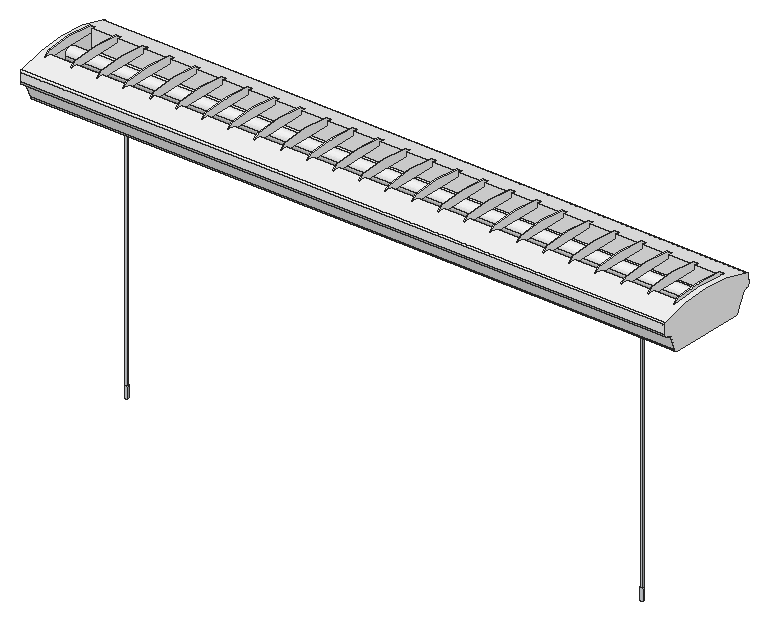
Revit family "0051680 Feilo Sylvania Lighting Fixture SYLMASTER T8 LED 1200 SO 4K Pendant ", category Lighting Fixtures, host Face, Revit 2017
Family settings
  Host = Face
  Round Connector Dimension = Use Diameter
  Part Type = Normal
  OmniClass Number = 23.80.70.00
  OmniClass Title = Lighting
  Cut with Voids When Loaded = No
  Light Source = Yes
  Shared = No
  Room Calculation Point = No
Parameters (values of type "0051680 SYLMASTER T8 LED 1200 SO 4K")
  WidthVoid_FEILO = 100 mm
  Weight = "4.0 kg"
  Wattage Comments = ""
  Wattage = 20 W
  WarrantyStartDate [instance] = "n/a"
  WarrantyGuarantorParts = "n/a"
  WarrantyDurationUnit = "n/a"
  WarrantyDurationParts = "n/a"
  WarrantyDescription = "n/a"
  built-in parameter 1150110 = 1 (stored number, unit not read)
  Voltage = 230 V
  URL = "http://www.sylvania-lighting.com"
  TypeName = "SYLMASTER T8 LED 1200 SO 4K"
  Type Image = <None>
  Type Comments = "n/a"
  Twin_FEILO = not(Single_FEILO)  # no
  built-in parameter 1114217 = 1 (stored number, unit not read)
  Tilt Angle = -90.00°
  built-in parameter 1150109 = 1 (stored number, unit not read)
  built-in parameter 1150134 = 12
  SuspensionHeight_FEILO [instance] = 500 mm
  built-in parameter 1150113 = 1 (stored number, unit not read)
  Single_FEILO = yes
  SerialNumber [instance] = "n/a"
  ReflectorSpacing_FEILO = (Length_FEILO - 30 mm) / (Array_FEILO - 1)  # 50.833 mm
  RadiusTube_FEILO = 12.7 mm
  RadiusSuspensionWire_FEILO = 2 mm
  Photometric Web File = "0051680.ies"
  Material_3_FEILO = none
  PowerFactor = 0.9
  PowerConsumption = "20 W"
  NominalLength = 1250 mm
  NominalHeight = 85 mm
  NominalDepth = 202 mm
  Name = "SYLMASTER T8 LED 1200 SO 4K"
  ModelReference = Name  # "SYLMASTER T8 LED 1200 SO 4K"
  ModelNumber = "0051680"
  Model = Name  # "SYLMASTER T8 LED 1200 SO 4K"
  Material = "steel housing"
  ManufacturerName = "Feilo Sylvania"
  Manufacturer = "Feilo Sylvania"
  LuminousEfficacy = "76 lm/W"
  built-in parameter 1150105 = 633.2 (stored number, unit not read)
  Lumens = 1520 lm
  LuminaireType = ""
  built-in parameter 1150115 = 1 (stored number, unit not read)
  LightOutputRatio = "71"
  built-in parameter 1150137 = (empty or 0)
  built-in parameter 1150139 = (empty or 0)
  Length_FEILO = 1250 mm
  LampsType = Lamp  # "LED"
  LampNominalLuminous = "1520 lm"
  LampMacAdamStep = "6"
  LampColourTemperature = "4000 K"
  LampColourRenderingIndex = "80"
  built-in parameter 1150112 = 1 (stored number, unit not read)
  built-in parameter 1150114 = 1 (stored number, unit not read)
  Lamp = "LED"
  Keynote = "16500"
  InstallationDate [instance] = "n/a"
  InputVoltage = "220-240V~"
  InputNominalFrequency = "50/60 Hz"
  built-in parameter 1150132 = (empty or 0)
  built-in parameter 1150102 = (empty or 0)
  built-in parameter 1150107 = 4000 (stored number, unit not read)
  built-in parameter 1150138 = (empty or 0)
  IngressProtection = "IP20"
  ImpactProtectionIndex = "IK02"
  built-in parameter 1150106 = 6.332 (stored number, unit not read)
  IfcExportType = "IfcLightFixtureType"
  IfcExportAs = "IfcLightFixtureType"
  ExpectedLife = 50000
  Emit from Rectangle Width = WidthVoid_FEILO  # 100 mm
  Emit from Rectangle Length = Length_FEILO - 30 mm  # 1220 mm
  Emit Shape Visible in Rendering = no
  ElectricShockClassification = "Class I"
  built-in parameter 1150104 = 7.0606 (stored number, unit not read)
  DurationUnit = "hours"
  DocumentationLiterature = "http://www.sylvania-lighting.com/product/en-int/products/0051680"
  DimmingControlOptions = "Non dimmable"
  Material_2_FEILO = LEDTube-Sylvania-Sylmaster
  Dimming Lamp Color Temperature Shift = <None>
  RadiusSuspensionSleeve_FEILO = 3 mm
  Description = "SYLMASTER T8 LED 1200 SO 4K is a surface mount / pendant luminaire supplied with ToLEDo T8 20W 840 LED Tube."
  Default Elevation = 1219.2 mm
  CreatedOn = "2/19/2018"
  CreatedBy = ""
  Cost = 0
  Color Filter = 16777215
  built-in parameter 1114216 [instance] = (empty or 0)
  ClassificationValue = "EF_70_80"
  ClassificationName = "Uniclass2015"
  Material_1_FEILO = Body-Sylvania-Sylmaster-White
  BarCode [instance] = "n/a"
  built-in parameter 1114218 = 1 (stored number, unit not read)
  built-in parameter 1150133 = 10 (stored number, unit not read)
  AssetType = "Fixed"
  AssetIdentifier [instance] = "n/a"
  Assembly Code = "D5020200"
  Array_FEILO = if(Length_FEILO = 1250 mm, 25, 35)  # 25
  Apparent Load = 20 VA
  Material_4_FEILO = none
Reference planes
  plane 1 "Center (Front/Back)": y = 0
  plane 2: z = 0
  plane 3 "Center (Left/Right)": x = 0
  plane 4: y = 101
  plane 5: y = -101
  plane 6: z = 500
  plane 7: z = 585
  plane 8: z = 561
  plane 9: z = 545
  plane 10: z = 507
  plane 11: z = 568
  plane 12: y = -89
  plane 13: y = -75
  plane 14: y = -30
  plane 15: y = 30
  plane 16: y = 89
  plane 17: y = 75
  plane 18: z = 542
  plane 19: x = -625
  plane 20: x = 625
  plane 21: x = -500
  plane 22: x = 500
  plane 23: y = -23
  plane 24: y = 23
  plane 25: x = -480
  plane 26: x = -520
  plane 27: x = 480
  plane 28: x = 520
  plane 29: x = -513
  plane 30: x = -487
  plane 31: x = 487
  plane 32: x = 513
  plane 33: y = 50
  plane 34: y = -50
  plane 35: x = 610
  plane 36: x = -610
  plane 37: y = 33
  plane 38: z = 544.6
  plane 39: x = -559.167
  plane 40: z = 22
  plane 41: z = 478
  plane 42: x = -503
  plane 43: x = -502
  plane 44: x = 498
  plane 45: x = 497
Forms (mm)
  Extrusion 1, solid, material "Body-Sylvania-Sylmaster-White" <- "Material_1_FEILO", detail levels medium+fine
    sketch origin (0, 0, 0) x (0, 1, 0) y (0, 0, 1)
      loop
        arc (-98.274, 568.93) -> (-100.248, 567.473) -> (-101, 565.138) r 4
        line (-101, 565.138) -> (-101, 548.904)
        arc (-101, 548.904) -> (-99.941, 545.827) -> (-97.213, 544.053) r 5
        line (-97.213, 544.053) -> (-93.96, 543.24)
        arc (-93.96, 543.24) -> (-89.81, 541.072) -> (-87.101, 537.253) r 10
        line (-87.101, 537.253) -> (-76.76, 511.4)
        arc (-76.76, 511.4) -> (-74.185, 508.204) -> (-70.261, 507) r 7
        line (-70.261, 507) -> (70.261, 507)
        arc (70.261, 507) -> (74.185, 508.204) -> (76.76, 511.4) r 7
        line (76.76, 511.4) -> (87.101, 537.253)
        arc (87.101, 537.253) -> (89.81, 541.072) -> (93.96, 543.24) r 10
        line (93.96, 543.24) -> (97.213, 544.053)
        arc (97.213, 544.053) -> (99.941, 545.827) -> (101, 548.904) r 5
        line (101, 548.904) -> (101, 565.138)
        arc (101, 565.138) -> (100.248, 567.473) -> (98.274, 568.93) r 4
        arc (98.274, 568.93) -> (0, 585) -> (-98.274, 568.93) r 308.529
    from -625 to 625
  Blend 2, solid, material "Body-Sylvania-Sylmaster-White" <- "Material_1_FEILO"
    base sketch origin (0, 1219.2, 507) x (1, 0, 0) y (0, 1, 0)
      loop
        line (-520, -1189.2) -> (-520, -1249.2) -> (-480, -1249.2) -> (-480, -1189.2) -> (-520, -1189.2)
    top sketch origin (0, 1219.2, 507) x (1, 0, 0) y (0, 1, 0)
      loop
        line (-513, -1196.2) -> (-513, -1242.2) -> (-487, -1242.2) -> (-487, -1196.2) -> (-513, -1196.2)
    from 0 to -7
  Blend 3, solid, material "Body-Sylvania-Sylmaster-White" <- "Material_1_FEILO"
    base sketch origin (0, 1219.2, 507) x (1, 0, 0) y (0, 1, 0)
      loop
        line (480, -1189.2) -> (480, -1249.2) -> (520, -1249.2) -> (520, -1189.2) -> (480, -1189.2)
    top sketch origin (0, 1219.2, 507) x (1, 0, 0) y (0, 1, 0)
      loop
        line (487, -1196.2) -> (487, -1242.2) -> (513, -1242.2) -> (513, -1196.2) -> (487, -1196.2)
    from 0 to -7
  Extrusion 4, void
    sketch origin (0, 0, 0) x (0, 1, 0) y (0, 0, 1)
      loop
        line (-50, 585) -> (-50, 545) -> (50, 545) -> (50, 585) -> (-50, 585)
    from -610 to 610
  Extrusion 5, solid, material "LEDTube-Sylvania-Sylmaster" <- "Material_2_FEILO", visible <- "Single_FEILO", detail levels medium+fine
    sketch origin (0, 0, 0) x (0, 1, 0) y (0, 0, 1)
      loop
        circle (0, 561) r 12.7
    from -610 to 610
  Extrusion 6, solid, material "LEDTube-Sylvania-Sylmaster" <- "Material_2_FEILO", visible <- "Twin_FEILO", detail levels medium+fine
    sketch origin (0, 0, 0) x (0, 1, 0) y (0, 0, 1)
      loop
        circle (-23, 561) r 12.7
      loop
        circle (23, 561) r 12.7
    from -610 to 610
  Revolve 7, solid
    sketch origin (0, 0, 0) x (1, 0, 0) y (0, 0, 1)
      loop
        line (-500, 500) -> (-503, 500) -> (-503, 478) -> (-502, 478) -> (-502, 22) -> (-503, 22) -> (-503, 0) -> (-500, 0) -> (-500, 500)
      axis (-500, 500) -> (-500, 0)
    angle from 360 to 0
  Revolve 8, solid
    sketch origin (0, 0, 0) x (1, 0, 0) y (0, 0, 1)
      loop
        line (500, 500) -> (497, 500) -> (497, 478) -> (498, 478) -> (498, 22) -> (497, 22) -> (497, 0) -> (500, 0) -> (500, 500)
      axis (500, 500) -> (500, 0)
    angle from 360 to 0
  Extrusion 9, solid, material "Body-Sylvania-Sylmaster-White" <- "Material_1_FEILO", detail levels coarse
    sketch origin (0, 0, 0) x (0, 1, 0) y (0, 0, 1)
      loop
        arc (-98.274, 568.93) -> (-100.248, 567.473) -> (-101, 565.138) r 4
        line (-101, 565.138) -> (-101, 548.904)
        arc (-101, 548.904) -> (-99.941, 545.827) -> (-97.213, 544.053) r 5
        line (-97.213, 544.053) -> (-93.96, 543.24)
        arc (-93.96, 543.24) -> (-89.81, 541.072) -> (-87.101, 537.253) r 10
        line (-87.101, 537.253) -> (-76.76, 511.4)
        arc (-76.76, 511.4) -> (-74.185, 508.204) -> (-70.261, 507) r 7
        line (-70.261, 507) -> (70.261, 507)
        arc (70.261, 507) -> (74.185, 508.204) -> (76.76, 511.4) r 7
        line (76.76, 511.4) -> (87.101, 537.253)
        arc (87.101, 537.253) -> (89.81, 541.072) -> (93.96, 543.24) r 10
        line (93.96, 543.24) -> (97.213, 544.053)
        arc (97.213, 544.053) -> (99.941, 545.827) -> (101, 548.904) r 5
        line (101, 548.904) -> (101, 565.138)
        arc (101, 565.138) -> (100.248, 567.473) -> (98.274, 568.93) r 4
        arc (98.274, 568.93) -> (0, 585) -> (-98.274, 568.93) r 308.529
    from -625 to 625
Cuts and joins
  Extrusion 4 cuts Extrusion 1
Lines and regions (mm)
  reference lines
    curve 1: line (0, -101, 545) -> (0, -89, 542)
    curve 2: line (0, -89, 542) -> (0, -75, 507)
    curve 3: line (0, 101, 545) -> (0, 89, 542)
    curve 4: line (0, 89, 542) -> (0, 75, 507)
Dimensions and locks
  equal spacing: plane 5, plane 1 "Center (Front/Back)", plane 4
  locked: plane 5 to plane 4 at 202
  "SuspensionHeight_FEILO": plane 6 to plane 2
  locked: plane 6 to plane 7 at 85
  plane 8 to plane 7 = 24 mm
  locked: plane 9 to plane 7 at 40
  locked: plane 6 to plane 10 at 7
  locked: plane 8 to plane 11 at 7
  equal spacing: plane 13, plane 1 "Center (Front/Back)", plane 17
  equal spacing: plane 14, plane 1 "Center (Front/Back)", plane 15
  equal spacing: plane 12, plane 1 "Center (Front/Back)", plane 16
  locked: plane 13 to plane 17 at 150
  locked: plane 12 to plane 16 at 178
  locked: plane 18 to plane 9 at 3
  locked: Extrusion 1 sketch curve to plane 7 at 308.529
  Extrusion 1 sketch curve to plane 1 "Center (Front/Back)" to Extrusion 1 sketch curve = 97 mm locked, 97 mm locked
  Extrusion 1 sketch curve to plane 1 "Center (Front/Back)" to Extrusion 1 sketch curve = 96 mm locked, 96 mm locked
  equal spacing: plane 19, plane 3 "Center (Left/Right)", plane 20
  "Length_FEILO": plane 19 to plane 20
  Extrusion 1 sketch curve to plane 1 "Center (Front/Back)" to Extrusion 1 sketch curve = 70.261 mm locked, 70.261 mm locked
  Extrusion 1 sketch curve to plane 1 "Center (Front/Back)" to Extrusion 1 sketch curve = 96.386 mm locked, 96.386 mm locked
  Extrusion 1 sketch curve to Extrusion 1 sketch curve to Extrusion 1 sketch curve to Extrusion 1 sketch curve to plane 7 = 19.539 mm locked, 15.365 mm locked, 16.235 mm locked, 19.862 mm locked  (x2)
  equal spacing: plane 21, plane 3 "Center (Left/Right)", plane 22
  locked: plane 21 to plane 22 at 1000
  equal spacing: plane 23, plane 1 "Center (Front/Back)", plane 24
  locked: plane 14 to plane 23 at 7
  locked: plane 14 to plane 1 "Center (Front/Back)" at 30
  equal spacing: plane 26, plane 21, plane 25, locked at 20 each
  equal spacing: plane 27, plane 22, plane 28, locked at 20 each
  locked: plane 26 to plane 21 at 20
  locked: plane 27 to plane 22 at 20
  equal spacing: plane 29, plane 21, plane 30
  locked: plane 26 to plane 29 at 7
  equal spacing: plane 31, plane 22, plane 32
  locked: plane 27 to plane 31 at 7
  equal spacing: plane 36, plane 3 "Center (Left/Right)", plane 35
  locked: plane 19 to plane 36 at 15
  plane 1 "Center (Front/Back)" to plane 37 = 33 mm
  equal spacing: plane 34, plane 1 "Center (Front/Back)", plane 33
  "WidthVoid_FEILO": plane 34 to plane 33
  locked: plane 38 to plane 7 at 40.4
  "ReflectorSpacing_FEILO": plane 36 to plane 39
  equal spacing: group 1, group 2, group 3, group 4, group 5, group 6, group 7, group 8, group 9, group 10, group 11, group 12, group 13, group 14, group 15, group 16, group 17, group 18, group 19, group 20, group 21, group 22, group 23, group 24, group 25  (x3)
  locked: plane 6 to plane 41 at 22
  locked: plane 40 to host face at 22
  "RadiusSuspensionWire_FEILO": plane 22 to plane 44
  "RadiusSuspensionSleeve_FEILO": plane 22 to plane 45
  "RadiusSuspensionWire_FEILO": plane 21 to plane 43
  "RadiusSuspensionSleeve_FEILO": plane 21 to plane 42
  "RadiusTube_FEILO": radius of Extrusion 5 sketch curve
  aligned and locked: plane 2 to host face
  aligned and locked: level to host face
  aligned and locked: plane 5 to curve 1
  aligned and locked: plane 12 to curve 1
  aligned and locked: plane 13 to curve 2
  aligned and locked: plane 4 to curve 3
  aligned and locked: plane 16 to curve 3
  aligned and locked: plane 17 to curve 4
  aligned and locked: plane 5 to Extrusion 1 sketch curve
  aligned and locked: curve 2 to Extrusion 1 sketch curve
  aligned and locked: plane 1 "Center (Front/Back)" to Extrusion 1 sketch curve
  aligned and locked: plane 20 to Extrusion 1
  aligned and locked: Extrusion 1 to plane 19
  aligned and locked: Extrusion 1 sketch curve to curve 3
  aligned and locked: curve 1 to Extrusion 1 sketch curve
  aligned and locked: Extrusion 1 sketch curve to curve 4
  aligned and locked: plane 15 to Blend 2 sketch curve
  aligned and locked: plane 26 to Blend 2 sketch curve
  aligned and locked: Blend 2 sketch curve to plane 14
  aligned and locked: Blend 2 sketch curve to plane 25
  aligned and locked: plane 24 to Blend 2 sketch curve
  aligned and locked: plane 29 to Blend 2 sketch curve
  aligned and locked: Blend 2 sketch curve to plane 23
  aligned and locked: Blend 2 sketch curve to plane 30
  aligned and locked: plane 6 to Blend 2
  aligned and locked: Blend 2 to plane 10
  aligned and locked: plane 15 to Blend 3 sketch curve
  aligned and locked: plane 27 to Blend 3 sketch curve
  aligned and locked: Blend 3 sketch curve to plane 14
  aligned and locked: Blend 3 sketch curve to plane 28
  aligned and locked: plane 24 to Blend 3 sketch curve
  aligned and locked: plane 31 to Blend 3 sketch curve
  aligned and locked: Blend 3 sketch curve to plane 23
  aligned and locked: Blend 3 sketch curve to plane 32
  aligned and locked: Blend 3 to plane 10
  aligned and locked: plane 6 to Blend 3
  aligned and locked: plane 7 to Extrusion 4 sketch curve
  aligned and locked: Extrusion 4 sketch curve to plane 34
  aligned and locked: Extrusion 4 sketch curve to plane 9
  aligned and locked: plane 33 to Extrusion 4 sketch curve
  aligned and locked: plane 35 to Extrusion 4
  aligned and locked: Extrusion 4 to plane 36
  aligned and locked: plane 1 "Center (Front/Back)" to nested 1
  aligned and locked: plane 36 to nested 1
  aligned and locked: plane 39 to nested 2
  aligned and locked: plane 1 "Center (Front/Back)" to Extrusion 5 sketch curve
  aligned and locked: plane 8 to Extrusion 5 sketch curve
  aligned and locked: plane 35 to Extrusion 5
  aligned and locked: Extrusion 5 to plane 36
  aligned and locked: plane 23 to Extrusion 6 sketch curve
  aligned and locked: plane 8 to Extrusion 6 sketch curve  (x2)
  aligned and locked: plane 24 to Extrusion 6 sketch curve
  aligned and locked: plane 35 to Extrusion 6
  aligned and locked: Extrusion 6 to plane 36
  aligned and locked: plane 3 "Center (Left/Right)" to imposter light
  aligned and locked: imposter light to plane 1 "Center (Front/Back)"
  aligned and locked: imposter light to plane 7
  aligned and locked: Revolve 7 sketch curve to plane 21
  aligned and locked: plane 21 to Revolve 7 sketch curve  (x2)
  aligned and locked: Revolve 7 sketch curve to Blend 2
  aligned and locked: Revolve 7 sketch curve to plane 42  (x2)
  aligned and locked: plane 41 to Revolve 7 sketch curve
  aligned and locked: Revolve 7 sketch curve to plane 43
  aligned and locked: Revolve 7 sketch curve to plane 40
  aligned and locked: Revolve 7 sketch curve to level
  aligned and locked: Revolve 8 sketch curve to plane 22
  aligned and locked: plane 22 to Revolve 8 sketch curve  (x2)
  aligned and locked: Revolve 8 sketch curve to Blend 3
  aligned and locked: Revolve 8 sketch curve to plane 45
  aligned and locked: plane 41 to Revolve 8 sketch curve
  aligned and locked: Revolve 8 sketch curve to plane 44
  aligned and locked: Revolve 8 sketch curve to plane 40
  aligned and locked: level to Revolve 8 sketch curve
  aligned and locked: Extrusion 9 sketch curve to cut or joined group of Extrusion 1, Extrusion 4  (x9)
  aligned and locked: plane 20 to Extrusion 9
  aligned and locked: Extrusion 9 to plane 19
Automatic sketch dimensions
  host sketch curve to host sketch curve = 2438.4 mm  (x2)
  plane 9 to Extrusion 1 sketch curve = 0.947 mm  (x2)
  Extrusion 1 sketch curve to plane 18 = 1.24 mm  (x2)
  Extrusion 1 sketch curve to plane 12 = 1.899 mm
  plane 13 to Extrusion 1 sketch curve = 1.76 mm
  Extrusion 1 sketch curve to plane 17 = 1.76 mm
  plane 16 to Extrusion 1 sketch curve = 1.899 mm
  Extrusion 1 sketch curve to Extrusion 1 sketch curve = 0 mm
  plane 10 to curve 2 = 0 mm
  plane 10 to curve 4 = 0 mm
  plane 18 to curve 2 = 0 mm
  plane 18 to curve 3 = 0 mm
  plane 9 to curve 1 = 0 mm
  plane 9 to curve 3 = 0 mm
  Revolve 7 sketch curve to level = 304.8 mm
  Revolve 7 sketch curve to plane 7 = 2153.4 mm
  Revolve 8 sketch curve to plane 45 = 0 mm
  Revolve 8 sketch curve to level = 304.8 mm
  Revolve 8 sketch curve to plane 7 = 2153.4 mm
  plane 38 to Extrusion 9 sketch curve = 0.547 mm  (x2)
  Extrusion 9 sketch curve to plane 18 = 1.24 mm  (x2)
  Extrusion 9 sketch curve to plane 12 = 1.899 mm
  plane 13 to Extrusion 9 sketch curve = 1.76 mm
  Extrusion 9 sketch curve to plane 17 = 1.76 mm
  plane 16 to Extrusion 9 sketch curve = 1.899 mm
  radius of Extrusion 6 sketch curve = 12.7 mm  (x2)
Nested families
  nested 1: "Sylmaster reflector" at (-610, 0, 544.6), type "Type Name", detail levels medium+fine
    with WidthVoid_FEILO 100 mm
  nested 2: "Sylmaster reflector" at (-559.167, 0, 544.6), type "Type Name", detail levels medium+fine
    with WidthVoid_FEILO 100 mm
  nested 3: "Sylmaster reflector" at (-508.333, 0, 544.6), type "Type Name", detail levels medium+fine
    with WidthVoid_FEILO 100 mm
  nested 4: "Sylmaster reflector" at (-457.5, 0, 544.6), type "Type Name", detail levels medium+fine
    with WidthVoid_FEILO 100 mm
  nested 5: "Sylmaster reflector" at (-406.667, 0, 544.6), type "Type Name", detail levels medium+fine
    with WidthVoid_FEILO 100 mm
  nested 6: "Sylmaster reflector" at (-355.833, 0, 544.6), type "Type Name", detail levels medium+fine
    with WidthVoid_FEILO 100 mm
  nested 7: "Sylmaster reflector" at (-305, 0, 544.6), type "Type Name", detail levels medium+fine
    with WidthVoid_FEILO 100 mm
  nested 8: "Sylmaster reflector" at (-254.167, 0, 544.6), type "Type Name", detail levels medium+fine
    with WidthVoid_FEILO 100 mm
  nested 9: "Sylmaster reflector" at (-203.333, 0, 544.6), type "Type Name", detail levels medium+fine
    with WidthVoid_FEILO 100 mm
  nested 10: "Sylmaster reflector" at (-152.5, 0, 544.6), type "Type Name", detail levels medium+fine
    with WidthVoid_FEILO 100 mm
  nested 11: "Sylmaster reflector" at (-101.667, 0, 544.6), type "Type Name", detail levels medium+fine
    with WidthVoid_FEILO 100 mm
  nested 12: "Sylmaster reflector" at (-50.833, 0, 544.6), type "Type Name", detail levels medium+fine
    with WidthVoid_FEILO 100 mm
  nested 13: "Sylmaster reflector" at (0, 0, 544.6), type "Type Name", detail levels medium+fine
    with WidthVoid_FEILO 100 mm
  nested 14: "Sylmaster reflector" at (50.833, 0, 544.6), type "Type Name", detail levels medium+fine
    with WidthVoid_FEILO 100 mm
  nested 15: "Sylmaster reflector" at (101.667, 0, 544.6), type "Type Name", detail levels medium+fine
    with WidthVoid_FEILO 100 mm
  nested 16: "Sylmaster reflector" at (152.5, 0, 544.6), type "Type Name", detail levels medium+fine
    with WidthVoid_FEILO 100 mm
  nested 17: "Sylmaster reflector" at (203.333, 0, 544.6), type "Type Name", detail levels medium+fine
    with WidthVoid_FEILO 100 mm
  nested 18: "Sylmaster reflector" at (254.167, 0, 544.6), type "Type Name", detail levels medium+fine
    with WidthVoid_FEILO 100 mm
  nested 19: "Sylmaster reflector" at (305, 0, 544.6), type "Type Name", detail levels medium+fine
    with WidthVoid_FEILO 100 mm
  nested 20: "Sylmaster reflector" at (355.833, 0, 544.6), type "Type Name", detail levels medium+fine
    with WidthVoid_FEILO 100 mm
  nested 21: "Sylmaster reflector" at (406.667, 0, 544.6), type "Type Name", detail levels medium+fine
    with WidthVoid_FEILO 100 mm
  nested 22: "Sylmaster reflector" at (457.5, 0, 544.6), type "Type Name", detail levels medium+fine
    with WidthVoid_FEILO 100 mm
  nested 23: "Sylmaster reflector" at (508.333, 0, 544.6), type "Type Name", detail levels medium+fine
    with WidthVoid_FEILO 100 mm
  nested 24: "Sylmaster reflector" at (559.167, 0, 544.6), type "Type Name", detail levels medium+fine
    with WidthVoid_FEILO 100 mm
  nested 25: "Sylmaster reflector" at (610, 0, 544.6), type "Type Name", detail levels medium+fine
    with WidthVoid_FEILO 100 mm
Connectors
  electrical at (0, 0, 0), driven by "Apparent Load", driven by "PowerFactor", driven by "Voltage"
    settings: index 1, voltage 230 V, apparent load 20 VA, apparent load phase1 0 VA, apparent load phase2 0 VA, apparent load phase3 0 VA, power factor 0.9, load classification "Lighting", number of poles 1, system type 30, power factor state 1, is connector primary yes, connector utility no, sub classification motor no, connector description ""
Definition of nested family "Sylmaster reflector"
  Parameters (values of type "Type Name")
    WidthVoid_FEILO = 146 mm
    URL = "http://www.feilosylvania.com"
    Type Image = (empty or 0)
    Type Comments = "n/a"
    RadiusReflectorOuter_FEILO = 303.809 mm
    RadiusReflectorInner_FEILO = 307.458 mm
    Material_3_FEILO = none
    Model = ""
    Manufacturer = "Feilo Sylvania"
    Keynote = "16500"
    Material_2_FEILO = none
    Description = ""
    Default Elevation = 1219.2 mm
    Cost = 0
    Material_1_FEILO = none
    Assembly Code = "D5020200"
    Material_4_FEILO = none
  Reference planes
    plane 1 "Center (Front/Back)": y = 0
    plane 2: z = 28.4
    plane 3 "Center (Left/Right)": x = 0
    plane 4: y = 101
    plane 5: y = -101
    plane 6: z = 28.4
    plane 7: z = 23.4
    plane 8: x = -775
    plane 9: x = 775
    plane 10: x = -500
    plane 11: x = 500
    plane 12: x = -480
    plane 13: x = -520
    plane 14: x = 480
    plane 15: x = 520
    plane 16: x = -513
    plane 17: x = -487
    plane 18: x = 487
    plane 19: x = 513
    plane 20: y = 73
    plane 21: y = -73
    plane 22: x = 760
    plane 23: x = -760
    plane 24: y = -83
    plane 25: y = 83
    plane 26: z = 28.4
    plane 27: x = 1
    plane 28: x = -1
  Forms (mm)
    Extrusion 1, solid
      sketch origin (4.2, 0, 28.4) x (1, 0, 0) y (0, 1, 0)
        loop
          line (-1219.2, 1219.2) -> (-1219.2, -1219.2) -> (1219.2, -1219.2) -> (1219.2, 1219.2) -> (-1219.2, 1219.2)
      from 0 to -68.017
    Extrusion 2, solid, material <- "Material_1_FEILO"
      sketch origin (0, 0, 0) x (0, 1, 0) y (0, 0, 1)
        loop
          arc (-83, 29.048) -> (-78.011, 30.401) -> (-73, 31.671) r 307.458
          line (-73, 31.671) -> (-73, 28.4) -> (73, 28.4) -> (73, 31.671)
          arc (73, 31.671) -> (78.011, 30.401) -> (83, 29.048) r 307.458
          line (83, 29.048) -> (73, 36.779)
          arc (73, 36.779) -> (0, 45.68) -> (-73, 36.779) r 303.809
          line (-73, 36.779) -> (-83, 29.048)
      from 1 to -1
  Lines and regions (mm)
    reference lines
      curve 1: arc (0, -101, 28.4) -> (0, 0, 45.68) -> (0, 101, 28.4) r 303.809
      curve 2: arc (0, -101, 23.4) -> (0, 0, 40.463) -> (0, 101, 23.4) r 307.458
  Dimensions and locks
    equal spacing: plane 5, plane 1 "Center (Front/Back)", plane 4
    locked: plane 5 to plane 4 at 202
    equal spacing: plane 8, plane 3 "Center (Left/Right)", plane 9
    locked: plane 8 to plane 9 at 1550
    equal spacing: plane 10, plane 3 "Center (Left/Right)", plane 11
    locked: plane 10 to plane 11 at 1000
    equal spacing: plane 13, plane 10, plane 12, locked at 20 each
    equal spacing: plane 14, plane 11, plane 15, locked at 20 each
    locked: plane 13 to plane 10 at 20
    locked: plane 14 to plane 11 at 20
    equal spacing: plane 16, plane 10, plane 17
    locked: plane 13 to plane 16 at 7
    equal spacing: plane 18, plane 11, plane 19
    locked: plane 14 to plane 18 at 7
    equal spacing: plane 23, plane 3 "Center (Left/Right)", plane 22
    locked: plane 8 to plane 23 at 15
    equal spacing: plane 21, plane 1 "Center (Front/Back)", plane 20
    "WidthVoid_FEILO": plane 21 to plane 20
    equal spacing: plane 24, plane 1 "Center (Front/Back)", plane 25
    locked: plane 24 to plane 21 at 10
    locked: plane 7 to plane 26 at 5
    plane 28 to plane 3 "Center (Left/Right)" to plane 27 = 1 mm locked, 1 mm locked
    "RadiusReflectorInner_FEILO": radius of curve 2
    "RadiusReflectorOuter_FEILO": radius of curve 1
    aligned and locked: plane 2 to Extrusion 1
    aligned and locked: level to Extrusion 1
    aligned and locked: plane 5 to curve 1
    aligned and locked: plane 26 to curve 1  (x2)
    aligned and locked: plane 4 to curve 1
    aligned and locked: plane 4 to curve 2
    aligned and locked: plane 7 to curve 2  (x2)
    aligned and locked: plane 5 to curve 2
    aligned and locked: Extrusion 2 to plane 28
    aligned and locked: plane 27 to Extrusion 2
    aligned and locked: Extrusion 2 sketch curve to curve 2  (x2)
    aligned and locked: Extrusion 2 sketch curve to curve 1
    aligned and locked: plane 26 to Extrusion 2 sketch curve
    aligned and locked: Extrusion 2 sketch curve to plane 20
    aligned and locked: plane 21 to Extrusion 2 sketch curve  (x3)
    aligned and locked: plane 24 to Extrusion 2 sketch curve
    aligned and locked: plane 20 to Extrusion 2 sketch curve
    aligned and locked: plane 25 to Extrusion 2 sketch curve
    aligned and locked: plane 26 to plane 6
    aligned and locked: level to plane 26
  Automatic sketch dimensions
    Extrusion 1 sketch curve to Extrusion 1 sketch curve = 2438.4 mm  (x2)
